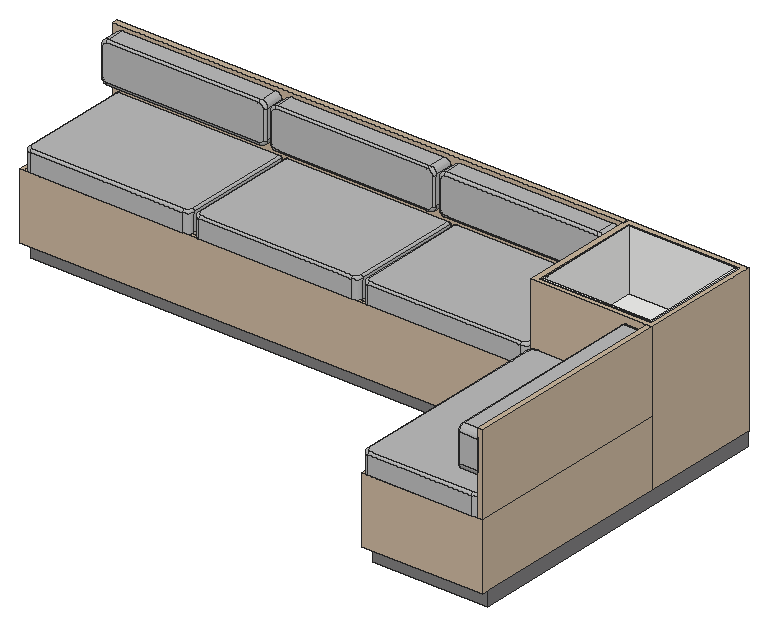
Revit family "Sofa en L con Jardinera 2 MAACH", category Sistemas de mobiliario, Revit 2024
Family settings
  Cota de conector redondo = Usar diámetro
  Tipo de pieza = Normal
  Se basa en plano de trabajo = No
  Activar corte en vistas = No
  Siempre vertical = Sí
  Corte con vacíos al cargar = No
  Compartido = No
  Punto de cálculo de habitación = No
Parameters
  Zocalo = Melamina plomo
  Tela = Tela gris
  Melamina = Melamina duna
  Estructura = Pintura blaca brillante
  Elevación por defecto = 0 mm
Reference planes
  plane 1 "Centro (Frontal/Posterior)": y = 600
  plane 2: z = 0
  plane 3 "Centro (Izquierda/Derecha)": x = -360
  plane 4 "Centro I/E": y = 1100
  plane 5 "Centro I/F": y = 1200
  plane 6 "Centro I/H": y = -450
  plane 7 "Centro I/K": x = -380
  plane 8 "Centro I/L": x = -1200
  plane 9 "Centro I/M": x = 460
  plane 10 "Centro I/P": x = -1220
  plane 11 "Centro I/Q": x = 480
  plane 12 "Centro I/R": x = 1300
  plane 13 "Centro I/S": x = 1320
  plane 14 "Centro I/T": x = 1920
Forms (mm)
  Extrusion 1, solid, material "Melamina plomo" <- "Zocalo"
    sketch origin (-1679.549, 1240, 0) x (1, 0, 0) y (0, 1, 0)
      loop
        line (489.549, -40) -> (489.549, -610) -> (3029.549, -610) -> (3029.549, -40) -> (489.549, -40)
      loop
        line (504.549, -55) -> (504.549, -595) -> (3014.549, -595) -> (3014.549, -55) -> (504.549, -55)
    from 0 to 70
  Extrusion 2, solid, material "Melamina taupe"
    sketch origin (880, 1210, 70) x (1, 0, 0) y (0, 1, 0)
      loop
        line (455, -1645) -> (1025, -1645) -> (1025, -625) -> (455, -625) -> (455, -1645)
    from 0 to 25
  Extrusion 3, solid, material "Melamina taupe"
    sketch origin (850, -1790, 87.537) x (1, 0, 0) y (0, 1, 0)
      loop
        line (1055, 1355) -> (1055, 2375) -> (485, 2375) -> (485, 1355) -> (1055, 1355)
    from 287.463 to 312.463
  Extrusion 4, solid, material "Tela gris" <- "Tela", not visible
    sketch origin (25, 24.549, -280) x (1, 0, 0) y (0, 1, 0)
      loop
        arc (-1169.977, -599.549) -> (-1191.253, -608.455) -> (-1200, -629.797) r 30.136
        line (-1200, -629.797) -> (-1200, -1169.752)
        arc (-1200, -1169.752) -> (-1191.16, -1190.868) -> (-1169.977, -1199.549) r 29.91
        line (-1169.977, -1199.549) -> (-410.023, -1199.549)
        arc (-410.023, -1199.549) -> (-388.793, -1190.755) -> (-380, -1169.526) r 30.023
        line (-380, -1169.526) -> (-380, -629.571)
        arc (-380, -629.571) -> (-388.793, -608.342) -> (-410.023, -599.549) r 30.023
        line (-410.023, -599.549) -> (-1169.977, -599.549)
    from 350 to 450
  Sweep 5, void, not visible
    path origin (0, 0, -280) x (1, 0, 0) y (0, 1, 0)
      loop
        line (-1175, -605.248) -> (-1175, -1145.203)
        arc (-1175, -1145.203) -> (-1166.16, -1166.319) -> (-1144.977, -1175) r 29.91
        line (-1144.977, -1175) -> (-385.023, -1175)
        arc (-385.023, -1175) -> (-363.793, -1166.207) -> (-355, -1144.977) r 30.023
        line (-355, -1144.977) -> (-355, -605.023)
        arc (-355, -605.023) -> (-363.793, -583.793) -> (-385.023, -575) r 30.023
        line (-385.023, -575) -> (-1144.977, -575)
        arc (-1144.977, -575) -> (-1166.253, -583.906) -> (-1175, -605.248) r 30.136
    profile origin (-1175, -875.226, -280) x (1, 0, 0) y (0, 0, 1)
      loop
        line (10.607, 450) -> (0, 450) -> (0, 439.393)
        arc (0, 439.393) -> (3.107, 446.893) -> (10.607, 450) r 10.607
  Extrusion 6, solid, material "Tela gris" <- "Tela"
    sketch origin (1680, 1799.549, 50) x (1, 0, 0) y (0, 1, 0)
      loop
        arc (-1169.977, -599.549) -> (-1191.253, -608.455) -> (-1200, -629.797) r 30.136
        line (-1200, -629.797) -> (-1200, -1169.752)
        arc (-1200, -1169.752) -> (-1191.16, -1190.868) -> (-1169.977, -1199.549) r 29.91
        line (-1169.977, -1199.549) -> (-410.023, -1199.549)
        arc (-410.023, -1199.549) -> (-388.793, -1190.755) -> (-380, -1169.526) r 30.023
        line (-380, -1169.526) -> (-380, -629.571)
        arc (-380, -629.571) -> (-388.793, -608.342) -> (-410.023, -599.549) r 30.023
        line (-410.023, -599.549) -> (-1169.977, -599.549)
    from 350 to 450
  Sweep 7, void
    path origin (1655, 1775, 50) x (1, 0, 0) y (0, 1, 0)
      loop
        line (-1175, -605.248) -> (-1175, -1145.203)
        arc (-1175, -1145.203) -> (-1166.16, -1166.319) -> (-1144.977, -1175) r 29.91
        line (-1144.977, -1175) -> (-385.023, -1175)
        arc (-385.023, -1175) -> (-363.793, -1166.207) -> (-355, -1144.977) r 30.023
        line (-355, -1144.977) -> (-355, -605.023)
        arc (-355, -605.023) -> (-363.793, -583.793) -> (-385.023, -575) r 30.023
        line (-385.023, -575) -> (-1144.977, -575)
        arc (-1144.977, -575) -> (-1166.253, -583.906) -> (-1175, -605.248) r 30.136
    profile origin (480, 899.774, 50) x (1, 0, 0) y (0, 0, 1)
      loop
        line (10.607, 450) -> (0, 450) -> (0, 439.393)
        arc (0, 439.393) -> (3.107, 446.893) -> (10.607, 450) r 10.607
  Extrusion 8, solid, material "Tela gris" <- "Tela", not visible
    sketch origin (0, -0.451, 0) x (1, 0, 0) y (0, 1, 0)
      loop
        arc (-1169.977, -524.774) -> (-1191.253, -533.681) -> (-1200, -555.023) r 30.136
        line (-1200, -555.023) -> (-1200, -1169.752)
        arc (-1200, -1169.752) -> (-1191.16, -1190.868) -> (-1169.977, -1199.549) r 29.91
        line (-1169.977, -1199.549) -> (-630.023, -1199.549)
        arc (-630.023, -1199.549) -> (-608.793, -1190.755) -> (-600, -1169.526) r 30.023
        line (-600, -1169.526) -> (-600, -554.797)
        arc (-600, -554.797) -> (-608.793, -533.568) -> (-630.023, -524.774) r 30.023
        line (-630.023, -524.774) -> (-1169.977, -524.774)
    from 70 to 450
  Sweep 9, void, not visible
    path origin (-25, -25, 0) x (1, 0, 0) y (0, 1, 0)
      loop
        line (-1175, -530.474) -> (-1175, -1145.203)
        arc (-1175, -1145.203) -> (-1166.16, -1166.319) -> (-1144.977, -1175) r 29.91
        line (-1144.977, -1175) -> (-605.023, -1175)
        arc (-605.023, -1175) -> (-583.793, -1166.207) -> (-575, -1144.977) r 30.023
        line (-575, -1144.977) -> (-575, -530.248)
        arc (-575, -530.248) -> (-583.793, -509.019) -> (-605.023, -500.226) r 30.023
        line (-605.023, -500.226) -> (-1144.977, -500.226)
        arc (-1144.977, -500.226) -> (-1166.253, -509.132) -> (-1175, -530.474) r 30.136
    profile origin (-1200, -862.839, 0) x (1, 0, 0) y (0, 0, 1)
      loop
        line (10.607, 450) -> (0, 450) -> (0, 439.393)
        arc (0, 439.393) -> (3.107, 446.893) -> (10.607, 450) r 10.607
  Extrusion 10, solid, material "Melamina duna" <- "Melamina"
    sketch origin (1920, 573.455, -514.718) x (0, 0, 1) y (0, 1, 0)
      loop
        line (914.718, 26.545) -> (914.718, -1023.455) -> (1314.718, -1023.455) -> (1314.718, 26.545) -> (914.718, 26.545)
    from 0 to 25
  Extrusion 11, solid, material "Melamina duna" <- "Melamina", not visible
    sketch origin (0, 0, 0) x (1, 0, 0) y (0, 1, 0)
      loop
        line (-1200, -1200) -> (599.549, -1200) -> (599.549, -500.226) -> (-1200, -500.226) -> (-1200, -1200)
      loop
        line (574.549, -525.226) -> (-1175, -525.226) -> (-1175, -1175) -> (574.549, -1175) -> (574.549, -525.226)
    from 0 to 70
  Extrusion 12, solid, material "Melamina duna" <- "Melamina", not visible
    sketch origin (0, 0, 45) x (1, 0, 0) y (0, 1, 0)
      loop
        line (-1175, -525.226) -> (-1175, -1175) -> (574.549, -1175) -> (574.549, -525.226) -> (-1175, -525.226)
    from 0 to 25
  Extrusion 13, solid, material "Melamina duna" <- "Melamina", not visible
    sketch origin (0, 0, 0) x (1, 0, 0) y (0, 1, 0)
      loop
        line (-1200, -500.226) -> (-1200, -525.226) -> (599.549, -525.226) -> (599.549, -500.226) -> (-1200, -500.226)
    from 70 to 450
  Extrusion 14, solid, material "Tela gris" <- "Tela", not visible
    sketch origin (0, -0.451, 0) x (1, 0, 0) y (0, 1, 0)
      loop
        arc (-1169.977, -524.774) -> (-1191.253, -533.681) -> (-1200, -555.023) r 30.136
        line (-1200, -555.023) -> (-1200, -1169.752)
        arc (-1200, -1169.752) -> (-1191.16, -1190.868) -> (-1169.977, -1199.549) r 29.91
        line (-1169.977, -1199.549) -> (-630.023, -1199.549)
        arc (-630.023, -1199.549) -> (-608.793, -1190.755) -> (-600, -1169.526) r 30.023
        line (-600, -1169.526) -> (-600, -554.797)
        arc (-600, -554.797) -> (-608.793, -533.568) -> (-630.023, -524.774) r 30.023
        line (-630.023, -524.774) -> (-1169.977, -524.774)
    from 70 to 450
  Sweep 15, void, not visible
    path origin (-25, -25, 0) x (1, 0, 0) y (0, 1, 0)
      loop
        line (-1175, -530.474) -> (-1175, -1145.203)
        arc (-1175, -1145.203) -> (-1166.16, -1166.319) -> (-1144.977, -1175) r 29.91
        line (-1144.977, -1175) -> (-605.023, -1175)
        arc (-605.023, -1175) -> (-583.793, -1166.207) -> (-575, -1144.977) r 30.023
        line (-575, -1144.977) -> (-575, -530.248)
        arc (-575, -530.248) -> (-583.793, -509.019) -> (-605.023, -500.226) r 30.023
        line (-605.023, -500.226) -> (-1144.977, -500.226)
        arc (-1144.977, -500.226) -> (-1166.253, -509.132) -> (-1175, -530.474) r 30.136
    profile origin (-1200, -862.839, 0) x (1, 0, 0) y (0, 0, 1)
      loop
        line (10.607, 450) -> (0, 450) -> (0, 439.393)
        arc (0, 439.393) -> (3.107, 446.893) -> (10.607, 450) r 10.607
  Extrusion 16, solid, material "Tela gris" <- "Tela", not visible
    sketch origin (-1200, -630.248, 0) x (0, -1, 0) y (0, 0, 1)
      loop
        line (-130.023, 450) -> (-10.023, 450) -> (-46.294, 678.702)
        arc (-46.294, 678.702) -> (-54.837, 693.951) -> (-71.236, 700) r 25.254
        line (-71.236, 700) -> (-108.809, 700)
        arc (-108.809, 700) -> (-123.809, 693.787) -> (-130.023, 678.787) r 21.213
        line (-130.023, 678.787) -> (-130.023, 450)
    from -1799.549 to 0
  Extrusion 17, solid, material "Tela gris" <- "Tela", not visible
    sketch origin (600, -0.451, 0) x (1, 0, 0) y (0, 1, 0)
      loop
        arc (-1169.977, -524.774) -> (-1191.253, -533.681) -> (-1200, -555.023) r 30.136
        line (-1200, -555.023) -> (-1200, -1169.752)
        arc (-1200, -1169.752) -> (-1191.16, -1190.868) -> (-1169.977, -1199.549) r 29.91
        line (-1169.977, -1199.549) -> (-630.023, -1199.549)
        arc (-630.023, -1199.549) -> (-608.793, -1190.755) -> (-600, -1169.526) r 30.023
        line (-600, -1169.526) -> (-600, -554.797)
        arc (-600, -554.797) -> (-608.793, -533.568) -> (-630.023, -524.774) r 30.023
        line (-630.023, -524.774) -> (-1169.977, -524.774)
    from 70 to 450
  Sweep 18, void, not visible
    path origin (575, -25, 0) x (1, 0, 0) y (0, 1, 0)
      loop
        line (-1175, -530.474) -> (-1175, -1145.203)
        arc (-1175, -1145.203) -> (-1166.16, -1166.319) -> (-1144.977, -1175) r 29.91
        line (-1144.977, -1175) -> (-605.023, -1175)
        arc (-605.023, -1175) -> (-583.793, -1166.207) -> (-575, -1144.977) r 30.023
        line (-575, -1144.977) -> (-575, -530.248)
        arc (-575, -530.248) -> (-583.793, -509.019) -> (-605.023, -500.226) r 30.023
        line (-605.023, -500.226) -> (-1144.977, -500.226)
        arc (-1144.977, -500.226) -> (-1166.253, -509.132) -> (-1175, -530.474) r 30.136
    profile origin (-600, -862.839, 0) x (1, 0, 0) y (0, 0, 1)
      loop
        line (10.607, 450) -> (0, 450) -> (0, 439.393)
        arc (0, 439.393) -> (3.107, 446.893) -> (10.607, 450) r 10.607
  Extrusion 19, solid, material "Tela gris" <- "Tela", not visible
    sketch origin (1200, -0.451, 0) x (1, 0, 0) y (0, 1, 0)
      loop
        arc (-1169.977, -524.774) -> (-1191.253, -533.681) -> (-1200, -555.023) r 30.136
        line (-1200, -555.023) -> (-1200, -1169.752)
        arc (-1200, -1169.752) -> (-1191.16, -1190.868) -> (-1169.977, -1199.549) r 29.91
        line (-1169.977, -1199.549) -> (-630.023, -1199.549)
        arc (-630.023, -1199.549) -> (-608.793, -1190.755) -> (-600, -1169.526) r 30.023
        line (-600, -1169.526) -> (-600, -554.797)
        arc (-600, -554.797) -> (-608.793, -533.568) -> (-630.023, -524.774) r 30.023
        line (-630.023, -524.774) -> (-1169.977, -524.774)
    from 70 to 450
  Sweep 20, void, not visible
    path origin (1175, -25, 0) x (1, 0, 0) y (0, 1, 0)
      loop
        line (-1175, -530.474) -> (-1175, -1145.203)
        arc (-1175, -1145.203) -> (-1166.16, -1166.319) -> (-1144.977, -1175) r 29.91
        line (-1144.977, -1175) -> (-605.023, -1175)
        arc (-605.023, -1175) -> (-583.793, -1166.207) -> (-575, -1144.977) r 30.023
        line (-575, -1144.977) -> (-575, -530.248)
        arc (-575, -530.248) -> (-583.793, -509.019) -> (-605.023, -500.226) r 30.023
        line (-605.023, -500.226) -> (-1144.977, -500.226)
        arc (-1144.977, -500.226) -> (-1166.253, -509.132) -> (-1175, -530.474) r 30.136
    profile origin (0, -862.839, 0) x (1, 0, 0) y (0, 0, 1)
      loop
        line (10.607, 450) -> (0, 450) -> (0, 439.393)
        arc (0, 439.393) -> (3.107, 446.893) -> (10.607, 450) r 10.607
  Extrusion 21, solid, material "Melamina duna" <- "Melamina", not visible
    sketch origin (0, 0, 0) x (1, 0, 0) y (0, 1, 0)
      loop
        line (599.549, 1800) -> (599.549, 0) -> (1199.549, 0) -> (1199.549, 1800) -> (599.549, 1800)
      loop
        line (624.549, 1775) -> (624.549, 25) -> (1174.549, 25) -> (1174.549, 1775) -> (624.549, 1775)
    from 0 to 70
  Extrusion 22, solid, material "Melamina duna" <- "Melamina", not visible
    sketch origin (0, 0, 45) x (1, 0, 0) y (0, 1, 0)
      loop
        line (1174.549, 25) -> (1174.549, 1775) -> (624.549, 1775) -> (624.549, 25) -> (1174.549, 25)
    from 0 to 25
  Extrusion 23, solid, material "Tela gris" <- "Tela", not visible
    sketch origin (1799.549, 1199.549, -280) x (1, 0, 0) y (0, 1, 0)
      loop
        arc (-1169.977, -599.549) -> (-1191.253, -608.455) -> (-1200, -629.797) r 30.136
        line (-1200, -629.797) -> (-1200, -1169.752)
        arc (-1200, -1169.752) -> (-1191.16, -1190.868) -> (-1169.977, -1199.549) r 29.91
        line (-1169.977, -1199.549) -> (-410.023, -1199.549)
        arc (-410.023, -1199.549) -> (-388.793, -1190.755) -> (-380, -1169.526) r 30.023
        line (-380, -1169.526) -> (-380, -629.571)
        arc (-380, -629.571) -> (-388.793, -608.342) -> (-410.023, -599.549) r 30.023
        line (-410.023, -599.549) -> (-1169.977, -599.549)
    from 350 to 450
  Sweep 24, void, not visible
    path origin (1774.549, 1175, -280) x (1, 0, 0) y (0, 1, 0)
      loop
        line (-1175, -605.248) -> (-1175, -1145.203)
        arc (-1175, -1145.203) -> (-1166.16, -1166.319) -> (-1144.977, -1175) r 29.91
        line (-1144.977, -1175) -> (-385.023, -1175)
        arc (-385.023, -1175) -> (-363.793, -1166.207) -> (-355, -1144.977) r 30.023
        line (-355, -1144.977) -> (-355, -605.023)
        arc (-355, -605.023) -> (-363.793, -583.793) -> (-385.023, -575) r 30.023
        line (-385.023, -575) -> (-1144.977, -575)
        arc (-1144.977, -575) -> (-1166.253, -583.906) -> (-1175, -605.248) r 30.136
    profile origin (599.549, 299.774, -280) x (1, 0, 0) y (0, 0, 1)
      loop
        line (10.607, 450) -> (0, 450) -> (0, 439.393)
        arc (0, 439.393) -> (3.107, 446.893) -> (10.607, 450) r 10.607
  Extrusion 25, solid, material "Tela gris" <- "Tela", not visible
    sketch origin (1799.549, 1799.549, -280) x (1, 0, 0) y (0, 1, 0)
      loop
        arc (-1169.977, -599.549) -> (-1191.253, -608.455) -> (-1200, -629.797) r 30.136
        line (-1200, -629.797) -> (-1200, -1169.752)
        arc (-1200, -1169.752) -> (-1191.16, -1190.868) -> (-1169.977, -1199.549) r 29.91
        line (-1169.977, -1199.549) -> (-410.023, -1199.549)
        arc (-410.023, -1199.549) -> (-388.793, -1190.755) -> (-380, -1169.526) r 30.023
        line (-380, -1169.526) -> (-380, -629.571)
        arc (-380, -629.571) -> (-388.793, -608.342) -> (-410.023, -599.549) r 30.023
        line (-410.023, -599.549) -> (-1169.977, -599.549)
    from 350 to 450
  Sweep 26, void, not visible
    path origin (1774.549, 1775, -280) x (1, 0, 0) y (0, 1, 0)
      loop
        line (-1175, -605.248) -> (-1175, -1145.203)
        arc (-1175, -1145.203) -> (-1166.16, -1166.319) -> (-1144.977, -1175) r 29.91
        line (-1144.977, -1175) -> (-385.023, -1175)
        arc (-385.023, -1175) -> (-363.793, -1166.207) -> (-355, -1144.977) r 30.023
        line (-355, -1144.977) -> (-355, -605.023)
        arc (-355, -605.023) -> (-363.793, -583.793) -> (-385.023, -575) r 30.023
        line (-385.023, -575) -> (-1144.977, -575)
        arc (-1144.977, -575) -> (-1166.253, -583.906) -> (-1175, -605.248) r 30.136
    profile origin (599.549, 899.774, -280) x (1, 0, 0) y (0, 0, 1)
      loop
        line (10.607, 450) -> (0, 450) -> (0, 439.393)
        arc (0, 439.393) -> (3.107, 446.893) -> (10.607, 450) r 10.607
  Extrusion 27, solid, material "Tela gris" <- "Tela", not visible
    sketch origin (1799.549, 2399.549, -280) x (1, 0, 0) y (0, 1, 0)
      loop
        arc (-1169.977, -599.549) -> (-1191.253, -608.455) -> (-1200, -629.797) r 30.136
        line (-1200, -629.797) -> (-1200, -1169.752)
        arc (-1200, -1169.752) -> (-1191.16, -1190.868) -> (-1169.977, -1199.549) r 29.91
        line (-1169.977, -1199.549) -> (-410.023, -1199.549)
        arc (-410.023, -1199.549) -> (-388.793, -1190.755) -> (-380, -1169.526) r 30.023
        line (-380, -1169.526) -> (-380, -629.571)
        arc (-380, -629.571) -> (-388.793, -608.342) -> (-410.023, -599.549) r 30.023
        line (-410.023, -599.549) -> (-1169.977, -599.549)
    from 350 to 450
  Sweep 28, void, not visible
    path origin (1774.549, 2375, -280) x (1, 0, 0) y (0, 1, 0)
      loop
        line (-1175, -605.248) -> (-1175, -1145.203)
        arc (-1175, -1145.203) -> (-1166.16, -1166.319) -> (-1144.977, -1175) r 29.91
        line (-1144.977, -1175) -> (-385.023, -1175)
        arc (-385.023, -1175) -> (-363.793, -1166.207) -> (-355, -1144.977) r 30.023
        line (-355, -1144.977) -> (-355, -605.023)
        arc (-355, -605.023) -> (-363.793, -583.793) -> (-385.023, -575) r 30.023
        line (-385.023, -575) -> (-1144.977, -575)
        arc (-1144.977, -575) -> (-1166.253, -583.906) -> (-1175, -605.248) r 30.136
    profile origin (599.549, 1499.774, -280) x (1, 0, 0) y (0, 0, 1)
      loop
        line (10.607, 450) -> (0, 450) -> (0, 439.393)
        arc (0, 439.393) -> (3.107, 446.893) -> (10.607, 450) r 10.607
  Extrusion 29, solid, material "Melamina duna" <- "Melamina", not visible
    sketch origin (0, 0, 0) x (1, 0, 0) y (0, 1, 0)
      loop
        line (599.549, 0) -> (599.549, -1200) -> (1199.097, -1200) -> (1800, -600) -> (1800, 0) -> (599.549, 0)
      loop
        line (624.549, -25) -> (624.549, -1175) -> (1188.742, -1175) -> (1775, -589.645) -> (1775, -25) -> (624.549, -25)
    from 0 to 70
  Extrusion 30, solid, material "Melamina duna" <- "Melamina", not visible
    sketch origin (0, 0, 0) x (1, 0, 0) y (0, 1, 0)
      loop
        line (624.549, -25) -> (624.549, -1175) -> (1188.742, -1175) -> (1775, -589.645) -> (1775, -25) -> (624.549, -25)
    from 0 to 25
  Extrusion 31, solid, material "Melamina duna" <- "Melamina", not visible
    sketch origin (0, 0, 0) x (1, 0, 0) y (0, 1, 0)
      loop
        line (599.549, 0) -> (599.549, -25.282) -> (1174.266, -25.282) -> (1174.266, -575.169) -> (599.549, -575.169) -> (599.549, -600) -> (1199.549, -600) -> (1199.549, 0) -> (599.549, 0)
    from 70 to 700
  Extrusion 32, solid, material "Melamina duna" <- "Melamina", not visible
    sketch origin (624.549, -0.282, -514.718) x (0, 0, 1) y (0, 1, 0)
      loop
        line (584.718, -25) -> (584.718, -574.887) -> (1214.718, -574.887) -> (1214.718, -25) -> (584.718, -25)
    from 0 to 25
  Extrusion 33, solid, material "Melamina duna" <- "Melamina", not visible
    sketch origin (-599.549, 0, 0) x (1, 0, 0) y (0, 1, 0)
      loop
        line (1799.097, -25) -> (1774.097, -25) -> (1774.097, -575.169) -> (1224.097, -575.169) -> (1224.097, -600) -> (1799.097, -600) -> (1799.097, -25)
    from 25 to 70
  Extrusion 34, solid, material "Pintura blaca brillante" <- "Estructura"
    sketch origin (854.684, 609, 563.5) x (1, 0, 0) y (0, 1, 0)
      loop
        line (1040.316, 566) -> (490.316, 566) -> (490.316, 16) -> (1040.316, 16) -> (1040.316, 566)
    from -72.5 to -63.5
  Extrusion 35, solid, material "Melamina plomo" <- "Zocalo"
    sketch origin (830.451, 1240, 0) x (1, 0, 0) y (0, 1, 0)
      loop
        line (519.549, -40) -> (519.549, -1660) -> (1089.549, -1660) -> (1089.549, -40) -> (519.549, -40)
      loop
        line (534.549, -55) -> (534.549, -1645) -> (1074.549, -1645) -> (1074.549, -55) -> (534.549, -55)
    from 0 to 70
  Extrusion 36, solid, material "Melamina taupe"
    sketch origin (-1660, 1210, 70) x (1, 0, 0) y (0, 1, 0)
      loop
        line (455, -595) -> (2965, -595) -> (2965, -25) -> (455, -25) -> (455, -595)
    from 0 to 25
  Extrusion 37, solid, material "Melamina duna" <- "Melamina"
    sketch origin (860, -450, 0) x (1, 0, 0) y (0, 1, 0)
      loop
        line (460, 1050) -> (460, 0) -> (1060, 0) -> (1060, 1050) -> (460, 1050)
      loop
        line (475, 1035) -> (475, 15) -> (1045, 15) -> (1045, 1035) -> (475, 1035)
    from 70 to 400
  Extrusion 38, solid, material "Melamina duna" <- "Melamina"
    sketch origin (-170, 140, 0) x (0, 1, 0) y (-1, 0, 0)
      loop
        line (460, 1050) -> (460, -1490) -> (1060, -1490) -> (1060, 1050) -> (460, 1050)
      loop
        line (1045, 1035) -> (475, 1035) -> (475, -1475) -> (1045, -1475) -> (1045, 1035)
    from 70 to 400
  Extrusion 39, solid, material "Melamina duna" <- "Melamina"
    sketch origin (-559.097, 1149.774, 0) x (1, 0, 0) y (0, 1, 0)
      loop
        line (2479.097, 50.226) -> (1879.097, 50.226) -> (1879.097, -549.774) -> (2479.097, -549.774) -> (2479.097, 50.226)
      loop
        line (2454.097, -524.774) -> (2454.097, 25.226) -> (1904.097, 25.226) -> (1904.097, -524.774) -> (2454.097, -524.774)
    from 70 to 800
  Extrusion 40, solid, material "Melamina taupe"
    sketch origin (250, -1190, 87.537) x (1, 0, 0) y (0, 1, 0)
      loop
        line (1055, 1805) -> (1055, 2375) -> (-1455, 2375) -> (-1455, 1805) -> (1055, 1805)
    from 287.463 to 312.463
  Extrusion 41, solid, material "Tela gris" <- "Tela"
    sketch origin (840, 1799.549, 50) x (1, 0, 0) y (0, 1, 0)
      loop
        arc (-1169.977, -599.549) -> (-1191.253, -608.455) -> (-1200, -629.797) r 30.136
        line (-1200, -629.797) -> (-1200, -1169.752)
        arc (-1200, -1169.752) -> (-1191.16, -1190.868) -> (-1169.977, -1199.549) r 29.91
        line (-1169.977, -1199.549) -> (-410.023, -1199.549)
        arc (-410.023, -1199.549) -> (-388.793, -1190.755) -> (-380, -1169.526) r 30.023
        line (-380, -1169.526) -> (-380, -629.571)
        arc (-380, -629.571) -> (-388.793, -608.342) -> (-410.023, -599.549) r 30.023
        line (-410.023, -599.549) -> (-1169.977, -599.549)
    from 350 to 450
  Sweep 42, void
    path origin (815, 1775, 50) x (1, 0, 0) y (0, 1, 0)
      loop
        line (-1175, -605.248) -> (-1175, -1145.203)
        arc (-1175, -1145.203) -> (-1166.16, -1166.319) -> (-1144.977, -1175) r 29.91
        line (-1144.977, -1175) -> (-385.023, -1175)
        arc (-385.023, -1175) -> (-363.793, -1166.207) -> (-355, -1144.977) r 30.023
        line (-355, -1144.977) -> (-355, -605.023)
        arc (-355, -605.023) -> (-363.793, -583.793) -> (-385.023, -575) r 30.023
        line (-385.023, -575) -> (-1144.977, -575)
        arc (-1144.977, -575) -> (-1166.253, -583.906) -> (-1175, -605.248) r 30.136
    profile origin (-360, 899.774, 50) x (1, 0, 0) y (0, 0, 1)
      loop
        line (10.607, 450) -> (0, 450) -> (0, 439.393)
        arc (0, 439.393) -> (3.107, 446.893) -> (10.607, 450) r 10.607
  Extrusion 43, solid, material "Tela gris" <- "Tela"
    sketch origin (0, 1799.549, 50) x (1, 0, 0) y (0, 1, 0)
      loop
        arc (-1169.977, -599.549) -> (-1191.253, -608.455) -> (-1200, -629.797) r 30.136
        line (-1200, -629.797) -> (-1200, -1169.752)
        arc (-1200, -1169.752) -> (-1191.16, -1190.868) -> (-1169.977, -1199.549) r 29.91
        line (-1169.977, -1199.549) -> (-410.023, -1199.549)
        arc (-410.023, -1199.549) -> (-388.793, -1190.755) -> (-380, -1169.526) r 30.023
        line (-380, -1169.526) -> (-380, -629.571)
        arc (-380, -629.571) -> (-388.793, -608.342) -> (-410.023, -599.549) r 30.023
        line (-410.023, -599.549) -> (-1169.977, -599.549)
    from 350 to 450
  Sweep 44, void
    path origin (-25, 1775, 50) x (1, 0, 0) y (0, 1, 0)
      loop
        line (-1175, -605.248) -> (-1175, -1145.203)
        arc (-1175, -1145.203) -> (-1166.16, -1166.319) -> (-1144.977, -1175) r 29.91
        line (-1144.977, -1175) -> (-385.023, -1175)
        arc (-385.023, -1175) -> (-363.793, -1166.207) -> (-355, -1144.977) r 30.023
        line (-355, -1144.977) -> (-355, -605.023)
        arc (-355, -605.023) -> (-363.793, -583.793) -> (-385.023, -575) r 30.023
        line (-385.023, -575) -> (-1144.977, -575)
        arc (-1144.977, -575) -> (-1166.253, -583.906) -> (-1175, -605.248) r 30.136
    profile origin (-1200, 899.774, 50) x (1, 0, 0) y (0, 0, 1)
      loop
        line (10.607, 450) -> (0, 450) -> (0, 439.393)
        arc (0, 439.393) -> (3.107, 446.893) -> (10.607, 450) r 10.607
  Extrusion 45, solid, material "Tela gris" <- "Tela"
    sketch origin (2520, 749.549, 50) x (1, 0, 0) y (0, 1, 0)
      loop
        arc (-1169.977, -149.549) -> (-1191.253, -158.455) -> (-1200, -179.797) r 30.136
        line (-1200, -179.797) -> (-1200, -1169.752)
        arc (-1200, -1169.752) -> (-1191.16, -1190.868) -> (-1169.977, -1199.549) r 29.91
        line (-1169.977, -1199.549) -> (-655.023, -1199.549)
        arc (-655.023, -1199.549) -> (-633.793, -1190.755) -> (-625, -1169.526) r 30.023
        line (-625, -1169.526) -> (-625, -179.571)
        arc (-625, -179.571) -> (-633.793, -158.342) -> (-655.023, -149.549) r 30.023
        line (-655.023, -149.549) -> (-1169.977, -149.549)
    from 350 to 450
  Sweep 46, void
    path origin (2495, 725, 50) x (1, 0, 0) y (0, 1, 0)
      loop
        line (-1175, -155.248) -> (-1175, -1145.203)
        arc (-1175, -1145.203) -> (-1166.16, -1166.319) -> (-1144.977, -1175) r 29.91
        line (-1144.977, -1175) -> (-630.023, -1175)
        arc (-630.023, -1175) -> (-608.793, -1166.207) -> (-600, -1144.977) r 30.023
        line (-600, -1144.977) -> (-600, -155.023)
        arc (-600, -155.023) -> (-608.793, -133.793) -> (-630.023, -125) r 30.023
        line (-630.023, -125) -> (-1144.977, -125)
        arc (-1144.977, -125) -> (-1166.253, -133.906) -> (-1175, -155.248) r 30.136
    profile origin (1320, 74.774, 50) x (1, 0, 0) y (0, 0, 1)
      loop
        line (10.607, 450) -> (0, 450) -> (0, 439.393)
        arc (0, 439.393) -> (3.107, 446.893) -> (10.607, 450) r 10.607
  Extrusion 47, solid, material "Tela gris" <- "Tela", not visible
    sketch origin (2520, 749.549, 50) x (1, 0, 0) y (0, 1, 0)
      loop
        arc (-1169.977, -599.549) -> (-1191.253, -608.455) -> (-1200, -629.797) r 30.136
        line (-1200, -629.797) -> (-1200, -1169.752)
        arc (-1200, -1169.752) -> (-1191.16, -1190.868) -> (-1169.977, -1199.549) r 29.91
        line (-1169.977, -1199.549) -> (-410.023, -1199.549)
        arc (-410.023, -1199.549) -> (-388.793, -1190.755) -> (-380, -1169.526) r 30.023
        line (-380, -1169.526) -> (-380, -629.571)
        arc (-380, -629.571) -> (-388.793, -608.342) -> (-410.023, -599.549) r 30.023
        line (-410.023, -599.549) -> (-1169.977, -599.549)
    from 350 to 450
  Extrusion 48, solid, material "Tela gris" <- "Tela", not visible
    sketch origin (2520, 749.549, 50) x (1, 0, 0) y (0, 1, 0)
      loop
        arc (-1169.977, -149.549) -> (-1191.253, -158.455) -> (-1200, -179.797) r 30.136
        line (-1200, -179.797) -> (-1200, -1169.752)
        arc (-1200, -1169.752) -> (-1191.16, -1190.868) -> (-1169.977, -1199.549) r 29.91
        line (-1169.977, -1199.549) -> (-655.023, -1199.549)
        arc (-655.023, -1199.549) -> (-633.793, -1190.755) -> (-625, -1169.526) r 30.023
        line (-625, -1169.526) -> (-625, -179.571)
        arc (-625, -179.571) -> (-633.793, -158.342) -> (-655.023, -149.549) r 30.023
        line (-655.023, -149.549) -> (-1169.977, -149.549)
    from 350 to 450
  Sweep 49, void, not visible
    path origin (2495, 725, 50) x (1, 0, 0) y (0, 1, 0)
      loop
        line (-1175, -155.248) -> (-1175, -1145.203)
        arc (-1175, -1145.203) -> (-1166.16, -1166.319) -> (-1144.977, -1175) r 29.91
        line (-1144.977, -1175) -> (-630.023, -1175)
        arc (-630.023, -1175) -> (-608.793, -1166.207) -> (-600, -1144.977) r 30.023
        line (-600, -1144.977) -> (-600, -155.023)
        arc (-600, -155.023) -> (-608.793, -133.793) -> (-630.023, -125) r 30.023
        line (-630.023, -125) -> (-1144.977, -125)
        arc (-1144.977, -125) -> (-1166.253, -133.906) -> (-1175, -155.248) r 30.136
    profile origin (1320, 74.774, 50) x (1, 0, 0) y (0, 0, 1)
      loop
        line (10.607, 450) -> (0, 450) -> (0, 439.393)
        arc (0, 439.393) -> (3.107, 446.893) -> (10.607, 450) r 10.607
  Extrusion 50, solid, material "Pintura blaca brillante" <- "Estructura"
    sketch origin (854.684, 609, 563.5) x (1, 0, 0) y (0, 1, 0)
      loop
        line (1040.316, 566) -> (490.316, 566) -> (490.316, 16) -> (1040.316, 16) -> (1040.316, 566)
      loop
        line (1031.316, 557) -> (499.316, 557) -> (499.316, 25) -> (1031.316, 25) -> (1031.316, 557)
    from -63.5 to 236.5
  Extrusion 51, solid, material "Tela gris" <- "Tela"
    sketch origin (0, 1525, 1779.549) x (1, 0, 0) y (0, 0, 1)
      loop
        arc (-1169.977, -999.549) -> (-1191.253, -1008.455) -> (-1200, -1029.797) r 30.136
        line (-1200, -1029.797) -> (-1200, -1169.752)
        arc (-1200, -1169.752) -> (-1191.16, -1190.868) -> (-1169.977, -1199.549) r 29.91
        line (-1169.977, -1199.549) -> (-410.023, -1199.549)
        arc (-410.023, -1199.549) -> (-388.793, -1190.755) -> (-380, -1169.526) r 30.023
        line (-380, -1169.526) -> (-380, -1029.571)
        arc (-380, -1029.571) -> (-388.793, -1008.342) -> (-410.023, -999.549) r 30.023
        line (-410.023, -999.549) -> (-1169.977, -999.549)
    from 350 to 450
  Sweep 52, void
    path origin (-25, 1525, 1755) x (1, 0, 0) y (0, 0, 1)
      loop
        line (-1175, -1005.248) -> (-1175, -1145.203)
        arc (-1175, -1145.203) -> (-1166.16, -1166.319) -> (-1144.977, -1175) r 29.91
        line (-1144.977, -1175) -> (-385.023, -1175)
        arc (-385.023, -1175) -> (-363.793, -1166.207) -> (-355, -1144.977) r 30.023
        line (-355, -1144.977) -> (-355, -1005.023)
        arc (-355, -1005.023) -> (-363.793, -983.793) -> (-385.023, -975) r 30.023
        line (-385.023, -975) -> (-1144.977, -975)
        arc (-1144.977, -975) -> (-1166.253, -983.906) -> (-1175, -1005.248) r 30.136
    profile origin (-1200, 1525, 679.774) x (0, -1, 0) y (1, 0, 0)
      loop
        arc (450, 10.607) -> (446.893, 3.107) -> (439.393, 0) r 10.607
        line (439.393, 0) -> (450, 0) -> (450, 10.607)
  Extrusion 53, solid, material "Tela gris" <- "Tela", not visible
    sketch origin (0, 1550, 1779.549) x (1, 0, 0) y (0, 0, 1)
      loop
        arc (-1169.977, -999.549) -> (-1191.253, -1008.455) -> (-1200, -1029.797) r 30.136
        line (-1200, -1029.797) -> (-1200, -1169.752)
        arc (-1200, -1169.752) -> (-1191.16, -1190.868) -> (-1169.977, -1199.549) r 29.91
        line (-1169.977, -1199.549) -> (-410.023, -1199.549)
        arc (-410.023, -1199.549) -> (-388.793, -1190.755) -> (-380, -1169.526) r 30.023
        line (-380, -1169.526) -> (-380, -1029.571)
        arc (-380, -1029.571) -> (-388.793, -1008.342) -> (-410.023, -999.549) r 30.023
        line (-410.023, -999.549) -> (-1169.977, -999.549)
    from 350 to 450
  Sweep 54, void, not visible
    path origin (-25, 1550, 1755) x (1, 0, 0) y (0, 0, 1)
      loop
        line (-1175, -1005.248) -> (-1175, -1145.203)
        arc (-1175, -1145.203) -> (-1166.16, -1166.319) -> (-1144.977, -1175) r 29.91
        line (-1144.977, -1175) -> (-385.023, -1175)
        arc (-385.023, -1175) -> (-363.793, -1166.207) -> (-355, -1144.977) r 30.023
        line (-355, -1144.977) -> (-355, -1005.023)
        arc (-355, -1005.023) -> (-363.793, -983.793) -> (-385.023, -975) r 30.023
        line (-385.023, -975) -> (-1144.977, -975)
        arc (-1144.977, -975) -> (-1166.253, -983.906) -> (-1175, -1005.248) r 30.136
    profile origin (-1200, 1550, 679.774) x (0, -1, 0) y (1, 0, 0)
      loop
        arc (450, 10.607) -> (446.893, 3.107) -> (439.393, 0) r 10.607
        line (439.393, 0) -> (450, 0) -> (450, 10.607)
  Extrusion 55, solid, material "Tela gris" <- "Tela"
    sketch origin (840, 1525, 1779.549) x (1, 0, 0) y (0, 0, 1)
      loop
        arc (-1169.977, -999.549) -> (-1191.253, -1008.455) -> (-1200, -1029.797) r 30.136
        line (-1200, -1029.797) -> (-1200, -1169.752)
        arc (-1200, -1169.752) -> (-1191.16, -1190.868) -> (-1169.977, -1199.549) r 29.91
        line (-1169.977, -1199.549) -> (-410.023, -1199.549)
        arc (-410.023, -1199.549) -> (-388.793, -1190.755) -> (-380, -1169.526) r 30.023
        line (-380, -1169.526) -> (-380, -1029.571)
        arc (-380, -1029.571) -> (-388.793, -1008.342) -> (-410.023, -999.549) r 30.023
        line (-410.023, -999.549) -> (-1169.977, -999.549)
    from 350 to 450
  Sweep 56, void
    path origin (815, 1525, 1755) x (1, 0, 0) y (0, 0, 1)
      loop
        line (-1175, -1005.248) -> (-1175, -1145.203)
        arc (-1175, -1145.203) -> (-1166.16, -1166.319) -> (-1144.977, -1175) r 29.91
        line (-1144.977, -1175) -> (-385.023, -1175)
        arc (-385.023, -1175) -> (-363.793, -1166.207) -> (-355, -1144.977) r 30.023
        line (-355, -1144.977) -> (-355, -1005.023)
        arc (-355, -1005.023) -> (-363.793, -983.793) -> (-385.023, -975) r 30.023
        line (-385.023, -975) -> (-1144.977, -975)
        arc (-1144.977, -975) -> (-1166.253, -983.906) -> (-1175, -1005.248) r 30.136
    profile origin (-360, 1525, 679.774) x (0, -1, 0) y (1, 0, 0)
      loop
        arc (450, 10.607) -> (446.893, 3.107) -> (439.393, 0) r 10.607
        line (439.393, 0) -> (450, 0) -> (450, 10.607)
  Extrusion 57, solid, material "Tela gris" <- "Tela"
    sketch origin (1680, 1525, 1779.549) x (1, 0, 0) y (0, 0, 1)
      loop
        arc (-1169.977, -999.549) -> (-1191.253, -1008.455) -> (-1200, -1029.797) r 30.136
        line (-1200, -1029.797) -> (-1200, -1169.752)
        arc (-1200, -1169.752) -> (-1191.16, -1190.868) -> (-1169.977, -1199.549) r 29.91
        line (-1169.977, -1199.549) -> (-410.023, -1199.549)
        arc (-410.023, -1199.549) -> (-388.793, -1190.755) -> (-380, -1169.526) r 30.023
        line (-380, -1169.526) -> (-380, -1029.571)
        arc (-380, -1029.571) -> (-388.793, -1008.342) -> (-410.023, -999.549) r 30.023
        line (-410.023, -999.549) -> (-1169.977, -999.549)
    from 350 to 450
  Sweep 58, void
    path origin (1655, 1525, 1755) x (1, 0, 0) y (0, 0, 1)
      loop
        line (-1175, -1005.248) -> (-1175, -1145.203)
        arc (-1175, -1145.203) -> (-1166.16, -1166.319) -> (-1144.977, -1175) r 29.91
        line (-1144.977, -1175) -> (-385.023, -1175)
        arc (-385.023, -1175) -> (-363.793, -1166.207) -> (-355, -1144.977) r 30.023
        line (-355, -1144.977) -> (-355, -1005.023)
        arc (-355, -1005.023) -> (-363.793, -983.793) -> (-385.023, -975) r 30.023
        line (-385.023, -975) -> (-1144.977, -975)
        arc (-1144.977, -975) -> (-1166.253, -983.906) -> (-1175, -1005.248) r 30.136
    profile origin (480, 1525, 679.774) x (0, -1, 0) y (1, 0, 0)
      loop
        arc (450, 10.607) -> (446.893, 3.107) -> (439.393, 0) r 10.607
        line (439.393, 0) -> (450, 0) -> (450, 10.607)
  Extrusion 59, solid, material "Tela gris" <- "Tela", not visible
    sketch origin (2245, -830, 1779.549) x (0, -1, 0) y (0, 0, 1)
      loop
        arc (-1399.977, -999.549) -> (-1421.253, -1008.455) -> (-1430, -1029.797) r 30.136
        line (-1430, -1029.797) -> (-1430, -1169.752)
        arc (-1430, -1169.752) -> (-1421.16, -1190.868) -> (-1399.977, -1199.549) r 29.91
        line (-1399.977, -1199.549) -> (-410.023, -1199.549)
        arc (-410.023, -1199.549) -> (-388.793, -1190.755) -> (-380, -1169.526) r 30.023
        line (-380, -1169.526) -> (-380, -1029.571)
        arc (-380, -1029.571) -> (-388.793, -1008.342) -> (-410.023, -999.549) r 30.023
        line (-410.023, -999.549) -> (-1399.977, -999.549)
    from 350 to 450
  Sweep 60, void, not visible
    path origin (2245, -805, 1755) x (0, -1, 0) y (0, 0, 1)
      loop
        line (-1405, -1005.248) -> (-1405, -1145.203)
        arc (-1405, -1145.203) -> (-1396.16, -1166.319) -> (-1374.977, -1175) r 29.91
        line (-1374.977, -1175) -> (-385.023, -1175)
        arc (-385.023, -1175) -> (-363.793, -1166.207) -> (-355, -1144.977) r 30.023
        line (-355, -1144.977) -> (-355, -1005.023)
        arc (-355, -1005.023) -> (-363.793, -983.793) -> (-385.023, -975) r 30.023
        line (-385.023, -975) -> (-1374.977, -975)
        arc (-1374.977, -975) -> (-1396.253, -983.906) -> (-1405, -1005.248) r 30.136
    profile origin (2245, 600, 679.774) x (-1, 0, 0) y (0, -1, 0)
      loop
        arc (450, 10.607) -> (446.893, 3.107) -> (439.393, 0) r 10.607
        line (439.393, 0) -> (450, 0) -> (450, 10.607)
  Extrusion 61, solid, material "Tela gris" <- "Tela"
    sketch origin (2245, -830, 1779.549) x (0, -1, 0) y (0, 0, 1)
      loop
        arc (-1399.977, -999.549) -> (-1421.253, -1008.455) -> (-1430, -1029.797) r 30.136
        line (-1430, -1029.797) -> (-1430, -1169.752)
        arc (-1430, -1169.752) -> (-1421.16, -1190.868) -> (-1399.977, -1199.549) r 29.91
        line (-1399.977, -1199.549) -> (-410.023, -1199.549)
        arc (-410.023, -1199.549) -> (-388.793, -1190.755) -> (-380, -1169.526) r 30.023
        line (-380, -1169.526) -> (-380, -1029.571)
        arc (-380, -1029.571) -> (-388.793, -1008.342) -> (-410.023, -999.549) r 30.023
        line (-410.023, -999.549) -> (-1399.977, -999.549)
    from 350 to 450
  Sweep 62, void
    path origin (2245, -805, 1755) x (0, -1, 0) y (0, 0, 1)
      loop
        line (-1405, -1005.248) -> (-1405, -1145.203)
        arc (-1405, -1145.203) -> (-1396.16, -1166.319) -> (-1374.977, -1175) r 29.91
        line (-1374.977, -1175) -> (-385.023, -1175)
        arc (-385.023, -1175) -> (-363.793, -1166.207) -> (-355, -1144.977) r 30.023
        line (-355, -1144.977) -> (-355, -1005.023)
        arc (-355, -1005.023) -> (-363.793, -983.793) -> (-385.023, -975) r 30.023
        line (-385.023, -975) -> (-1374.977, -975)
        arc (-1374.977, -975) -> (-1396.253, -983.906) -> (-1405, -1005.248) r 30.136
    profile origin (2245, 600, 679.774) x (-1, 0, 0) y (0, -1, 0)
      loop
        arc (450, 10.607) -> (446.893, 3.107) -> (439.393, 0) r 10.607
        line (439.393, 0) -> (450, 0) -> (450, 10.607)
  Extrusion 63, solid, material "Tela gris" <- "Tela", not visible
    sketch origin (1290, -1290, 1779.549) x (0, -1, 0) y (0, 0, 1)
      loop
        arc (-1399.977, -999.549) -> (-1421.253, -1008.455) -> (-1430, -1029.797) r 30.136
        line (-1430, -1029.797) -> (-1430, -1169.752)
        arc (-1430, -1169.752) -> (-1421.16, -1190.868) -> (-1399.977, -1199.549) r 29.91
        line (-1399.977, -1199.549) -> (-410.023, -1199.549)
        arc (-410.023, -1199.549) -> (-388.793, -1190.755) -> (-380, -1169.526) r 30.023
        line (-380, -1169.526) -> (-380, -1029.571)
        arc (-380, -1029.571) -> (-388.793, -1008.342) -> (-410.023, -999.549) r 30.023
        line (-410.023, -999.549) -> (-1399.977, -999.549)
    from 350 to 450
  Sweep 64, void, not visible
    path origin (1290, -1265, 1755) x (0, -1, 0) y (0, 0, 1)
      loop
        line (-1405, -1005.248) -> (-1405, -1145.203)
        arc (-1405, -1145.203) -> (-1396.16, -1166.319) -> (-1374.977, -1175) r 29.91
        line (-1374.977, -1175) -> (-385.023, -1175)
        arc (-385.023, -1175) -> (-363.793, -1166.207) -> (-355, -1144.977) r 30.023
        line (-355, -1144.977) -> (-355, -1005.023)
        arc (-355, -1005.023) -> (-363.793, -983.793) -> (-385.023, -975) r 30.023
        line (-385.023, -975) -> (-1374.977, -975)
        arc (-1374.977, -975) -> (-1396.253, -983.906) -> (-1405, -1005.248) r 30.136
    profile origin (1290, 140, 679.774) x (-1, 0, 0) y (0, -1, 0)
      loop
        arc (450, 10.607) -> (446.893, 3.107) -> (439.393, 0) r 10.607
        line (439.393, 0) -> (450, 0) -> (450, 10.607)
  Extrusion 65, solid, material "Melamina duna" <- "Melamina"
    sketch origin (-584.097, 1174.774, 0) x (1, 0, 0) y (0, 1, 0)
      loop
        line (2479.097, 0.226) -> (1929.097, 0.226) -> (1929.097, -549.774) -> (2479.097, -549.774) -> (2479.097, 0.226)
    from 70 to 95
  Extrusion 66, solid, material "Acero, acabado de pintura, gris oscuro, mate"
    sketch origin (-867.049, 1255, 0) x (1, 0, 0) y (0, 1, 0)
      loop
        line (489.549, -610) -> (504.549, -610) -> (504.549, -70) -> (489.549, -70) -> (489.549, -610)
    from 0 to 70
  Extrusion 67, solid, material "Acero, acabado de pintura, gris oscuro, mate"
    sketch origin (-27.049, 1255, 0) x (1, 0, 0) y (0, 1, 0)
      loop
        line (489.549, -610) -> (504.549, -610) -> (504.549, -70) -> (489.549, -70) -> (489.549, -610)
    from 0 to 70
  Extrusion 68, solid, material "Acero, acabado de pintura, gris oscuro, mate"
    sketch origin (1295, 102.951, 0) x (0, 1, 0) y (-1, 0, 0)
      loop
        line (489.549, -610) -> (504.549, -610) -> (504.549, -70) -> (489.549, -70) -> (489.549, -610)
    from 0 to 70
  Extrusion 69, solid, material "Acero, acabado de pintura, gris oscuro, mate"
    sketch origin (1105, -403.299, 0) x (0, 1, 0) y (-1, 0, 0)
      loop
        line (489.549, -800) -> (504.549, -800) -> (504.549, -260) -> (489.549, -260) -> (489.549, -800)
    from 0 to 70
  Extrusion 70, solid, material "Melamina duna" <- "Melamina"
    sketch origin (-1193.455, 1200, -514.718) x (0, 0, 1) y (-1, 0, 0)
      loop
        line (914.718, 26.545) -> (914.718, -2513.455) -> (1314.718, -2513.455) -> (1314.718, 26.545) -> (914.718, 26.545)
    from 0 to 25
Cuts and joins
  Sweep 7, Sweep 42, Sweep 46 cuts Extrusion 6
  Sweep 42, Sweep 44 cuts Extrusion 41
  Sweep 44, Sweep 52 cuts Extrusion 43
  Sweep 46 cuts Extrusion 45
  joined: Extrusion 34, Extrusion 50
  Sweep 52, Sweep 56 cuts Extrusion 51
  Sweep 56, Sweep 58 cuts Extrusion 55
  Sweep 58, Sweep 62 cuts Extrusion 57
  Sweep 62 cuts Extrusion 61
Dimensions and locks
  plane 10 "Centro I/P" to plane 8 "Centro I/L" to plane 7 "Centro I/K" to plane 3 "Centro (Izquierda/Derecha)" to plane 9 "Centro I/M" to plane 11 "Centro I/Q" to plane 12 "Centro I/R" to plane 13 "Centro I/S" to plane 14 "Centro I/T" = 20 mm, 820 mm, 20 mm, 820 mm, 20 mm, 820 mm, 20 mm, 600 mm
  plane 1 "Centro (Frontal/Posterior)" to plane 4 "Centro I/E" to plane 5 "Centro I/F" = 500 mm, 100 mm
  plane 1 "Centro (Frontal/Posterior)" to plane 5 "Centro I/F" = 600 mm
  plane 6 "Centro I/H" to plane 1 "Centro (Frontal/Posterior)" = 1050 mm
  Extrusion 2 to Extrusion 35 = 95 mm
  Extrusion 1 to Extrusion 38 to Extrusion 38 to cut or joined group of Extrusion 34, Extrusion 50 = 70 mm, 330 mm, 100 mm
  cut or joined group of Extrusion 61, Sweep 62 to cut or joined group of Extrusion 61, Sweep 62 = 200 mm
  cut or joined group of Extrusion 45, Sweep 46 to cut or joined group of Extrusion 61, Sweep 62 = 80 mm
  cut or joined group of Extrusion 45, Sweep 46 to cut or joined group of Extrusion 45, Sweep 46 = 100 mm
  Extrusion 37 to cut or joined group of Extrusion 45, Sweep 46 = 330 mm
  Extrusion 35 to Extrusion 37 = 70 mm
  plane 5 "Centro I/F" to plane 4 "Centro I/E" to plane 1 "Centro (Frontal/Posterior)" to plane 6 "Centro I/H" = 100 mm, 500 mm, 1050 mm
  Extrusion 10 to Extrusion 35 = 800 mm
  cut or joined group of Extrusion 43, Sweep 44, Sweep 52 to cut or joined group of Extrusion 43, Sweep 44, Sweep 52 to Extrusion 38 to level = 100 mm, 330 mm, 70 mm
  cut or joined group of Extrusion 51, Sweep 52, Sweep 56 to cut or joined group of Extrusion 43, Sweep 44, Sweep 52 = 80 mm
  cut or joined group of Extrusion 51, Sweep 52, Sweep 56 to cut or joined group of Extrusion 51, Sweep 52, Sweep 56 = 200 mm
  plane 14 "Centro I/T" to plane 13 "Centro I/S" to plane 12 "Centro I/R" to plane 11 "Centro I/Q" to plane 9 "Centro I/M" to plane 3 "Centro (Izquierda/Derecha)" to plane 7 "Centro I/K" to plane 8 "Centro I/L" to plane 10 "Centro I/P" = 600 mm, 20 mm, 820 mm, 20 mm, 820 mm, 20 mm, 820 mm, 20 mm
  Extrusion 39 to Extrusion 35 = 800 mm
  Extrusion 10 to Extrusion 10 = 25 mm
  cut or joined group of Extrusion 61, Sweep 62 to Extrusion 10 = 100 mm
  cut or joined group of Extrusion 45, Sweep 46 to cut or joined group of Extrusion 61, Sweep 62 = 475 mm
  plane 13 "Centro I/S" to plane 14 "Centro I/T" = 600 mm
  aligned and locked: level to plane 2
Automatic sketch dimensions
  Extrusion 8 sketch curve to Extrusion 8 sketch curve = 29.91 mm
  Extrusion 8 sketch curve to Extrusion 8 sketch curve = 0.113 mm  (x3)
  Extrusion 8 sketch curve to Extrusion 8 sketch curve = 30.023 mm  (x2)
  Extrusion 8 sketch curve to Extrusion 8 sketch curve = 540.068 mm
  Extrusion 8 sketch curve to Extrusion 8 sketch curve = 539.842 mm
  Extrusion 8 sketch curve to Extrusion 8 sketch curve = 29.797 mm
  Extrusion 8 sketch curve to Extrusion 8 sketch curve = 614.729 mm
  Sweep 9 sketch curve to Sweep 9 sketch curve = 29.91 mm
  Sweep 9 sketch curve to Sweep 9 sketch curve = 30.023 mm  (x2)
  Sweep 9 sketch curve to Sweep 9 sketch curve = 0.113 mm  (x2)
  Sweep 9 sketch curve to Sweep 9 sketch curve = 30.135 mm
  Sweep 9 sketch curve to Sweep 9 sketch curve = 539.955 mm  (x2)
  Sweep 9 sketch curve to Sweep 9 sketch curve = 29.797 mm
  Sweep 9 sketch curve to Sweep 9 sketch curve = 614.729 mm
  profile plane to Sweep 9 sketch curve = 0 mm  (x2)
  Sweep 9 sketch curve to Sweep 9 sketch curve = 10.607 mm  (x2)
  profile plane to Sweep 9 sketch curve = 439.393 mm
  Sweep 9 sketch curve to Sweep 9 sketch curve = 0 mm  (x2)
  Extrusion 14 sketch curve to Extrusion 14 sketch curve = 29.91 mm
  Extrusion 14 sketch curve to Extrusion 14 sketch curve = 0.113 mm  (x3)
  Extrusion 14 sketch curve to Extrusion 14 sketch curve = 30.023 mm  (x2)
  Extrusion 14 sketch curve to Extrusion 14 sketch curve = 540.068 mm
  Extrusion 14 sketch curve to Extrusion 14 sketch curve = 539.842 mm
  Extrusion 14 sketch curve to Extrusion 14 sketch curve = 29.797 mm
  Extrusion 14 sketch curve to Extrusion 14 sketch curve = 614.729 mm
  Sweep 15 sketch curve to Sweep 15 sketch curve = 29.91 mm
  Sweep 15 sketch curve to Sweep 15 sketch curve = 30.023 mm  (x2)
  Sweep 15 sketch curve to Sweep 15 sketch curve = 0.113 mm  (x2)
  Sweep 15 sketch curve to Sweep 15 sketch curve = 30.135 mm
  Sweep 15 sketch curve to Sweep 15 sketch curve = 539.955 mm  (x2)
  Sweep 15 sketch curve to Sweep 15 sketch curve = 29.797 mm
  Sweep 15 sketch curve to Sweep 15 sketch curve = 614.729 mm
  profile plane to Sweep 15 sketch curve = 0 mm  (x2)
  Sweep 15 sketch curve to Sweep 15 sketch curve = 10.607 mm  (x2)
  profile plane to Sweep 15 sketch curve = 439.393 mm
  Sweep 15 sketch curve to Sweep 15 sketch curve = 0 mm  (x2)
  Extrusion 17 sketch curve to Extrusion 17 sketch curve = 29.91 mm
  Extrusion 17 sketch curve to Extrusion 17 sketch curve = 0.113 mm  (x3)
  Extrusion 17 sketch curve to Extrusion 17 sketch curve = 30.023 mm  (x2)
  Extrusion 17 sketch curve to Extrusion 17 sketch curve = 540.068 mm
  Extrusion 17 sketch curve to Extrusion 17 sketch curve = 539.842 mm
  Extrusion 17 sketch curve to Extrusion 17 sketch curve = 29.797 mm
  Extrusion 17 sketch curve to Extrusion 17 sketch curve = 614.729 mm
  Sweep 18 sketch curve to Sweep 18 sketch curve = 29.91 mm
  Sweep 18 sketch curve to Sweep 18 sketch curve = 30.023 mm  (x2)
  Sweep 18 sketch curve to Sweep 18 sketch curve = 0.113 mm  (x2)
  Sweep 18 sketch curve to Sweep 18 sketch curve = 30.135 mm
  Sweep 18 sketch curve to Sweep 18 sketch curve = 539.955 mm  (x2)
  Sweep 18 sketch curve to Sweep 18 sketch curve = 29.797 mm
  Sweep 18 sketch curve to Sweep 18 sketch curve = 614.729 mm
  profile plane to Sweep 18 sketch curve = 0 mm  (x2)
  Sweep 18 sketch curve to Sweep 18 sketch curve = 10.607 mm  (x2)
  profile plane to Sweep 18 sketch curve = 439.393 mm
  Sweep 18 sketch curve to Sweep 18 sketch curve = 0 mm  (x2)
  Extrusion 19 sketch curve to Extrusion 19 sketch curve = 29.91 mm
  Extrusion 19 sketch curve to Extrusion 19 sketch curve = 0.113 mm  (x3)
  Extrusion 19 sketch curve to Extrusion 19 sketch curve = 30.023 mm  (x2)
  Extrusion 19 sketch curve to Extrusion 19 sketch curve = 540.068 mm
  Extrusion 19 sketch curve to Extrusion 19 sketch curve = 539.842 mm
  Extrusion 19 sketch curve to Extrusion 19 sketch curve = 29.797 mm
  Extrusion 19 sketch curve to Extrusion 19 sketch curve = 614.729 mm
  Sweep 20 sketch curve to Sweep 20 sketch curve = 29.91 mm
  Sweep 20 sketch curve to Sweep 20 sketch curve = 30.023 mm  (x2)
  Sweep 20 sketch curve to Sweep 20 sketch curve = 0.113 mm  (x2)
  Sweep 20 sketch curve to Sweep 20 sketch curve = 30.135 mm
  Sweep 20 sketch curve to Sweep 20 sketch curve = 539.955 mm  (x2)
  Sweep 20 sketch curve to Sweep 20 sketch curve = 29.797 mm
  Sweep 20 sketch curve to Sweep 20 sketch curve = 614.729 mm
  profile plane to Sweep 20 sketch curve = 0 mm  (x2)
  Sweep 20 sketch curve to Sweep 20 sketch curve = 10.607 mm  (x2)
  profile plane to Sweep 20 sketch curve = 439.393 mm
  Sweep 20 sketch curve to Sweep 20 sketch curve = 0 mm  (x2)
  Extrusion 13 sketch curve to Extrusion 13 sketch curve = 25 mm
  Extrusion 16 sketch curve to Extrusion 16 sketch curve = 21.213 mm
  Extrusion 16 sketch curve to Extrusion 16 sketch curve = 24.942 mm
  Extrusion 16 sketch curve to Extrusion 16 sketch curve = 3.956 mm
  Extrusion 11 sketch curve to Extrusion 11 sketch curve = 25 mm  (x4)
  Extrusion 11 sketch curve to Extrusion 11 sketch curve = 1749.549 mm
  Extrusion 11 sketch curve to Extrusion 11 sketch curve = 649.774 mm
  Extrusion 12 sketch curve to Extrusion 12 sketch curve = 1749.549 mm
  Extrusion 12 sketch curve to Extrusion 12 sketch curve = 649.774 mm
  Extrusion 13 sketch curve to Extrusion 13 sketch curve = 1799.549 mm
  Extrusion 16 sketch curve to Extrusion 16 sketch curve = 37.574 mm
  Extrusion 16 sketch curve to Extrusion 16 sketch curve = 120 mm
  Extrusion 16 sketch curve to Extrusion 16 sketch curve = 224.746 mm
  Extrusion 21 sketch curve to Extrusion 21 sketch curve = 25 mm  (x4)
  Extrusion 21 sketch curve to Extrusion 21 sketch curve = 550 mm
  Extrusion 21 sketch curve to Extrusion 21 sketch curve = 1750 mm
  Extrusion 22 sketch curve to Extrusion 22 sketch curve = 550 mm
  Extrusion 22 sketch curve to Extrusion 22 sketch curve = 1750 mm
  Extrusion 31 sketch curve to Extrusion 31 sketch curve = 24.831 mm
  Extrusion 31 sketch curve to Extrusion 31 sketch curve = 25.282 mm  (x2)
  Extrusion 32 sketch curve to Extrusion 32 sketch curve = 630 mm
  Extrusion 29 sketch curve to Extrusion 29 sketch curve = 25 mm  (x4)
  Extrusion 29 sketch curve to Extrusion 29 sketch curve = 564.193 mm
  Extrusion 29 sketch curve to Extrusion 29 sketch curve = 10.355 mm  (x2)
  Extrusion 29 sketch curve to Extrusion 29 sketch curve = 1150.451 mm
  Extrusion 29 sketch curve to Extrusion 29 sketch curve = 575 mm
  Extrusion 29 sketch curve to Extrusion 29 sketch curve = 1150 mm
  Extrusion 30 sketch curve to Extrusion 30 sketch curve = 564.193 mm
  Extrusion 30 sketch curve to Extrusion 30 sketch curve = 586.258 mm
  Extrusion 30 sketch curve to Extrusion 30 sketch curve = 585.355 mm
  Extrusion 30 sketch curve to Extrusion 30 sketch curve = 564.645 mm
  Extrusion 31 sketch curve to Extrusion 31 sketch curve = 0 mm
  Extrusion 31 sketch curve to Extrusion 31 sketch curve = 574.718 mm
  Extrusion 31 sketch curve to Extrusion 31 sketch curve = 549.887 mm
  Extrusion 32 sketch curve to Extrusion 32 sketch curve = 549.887 mm
  Extrusion 33 sketch curve to Extrusion 33 sketch curve = 550 mm
  Extrusion 33 sketch curve to Extrusion 33 sketch curve = 25 mm
  Extrusion 33 sketch curve to Extrusion 33 sketch curve = 24.831 mm
  Extrusion 33 sketch curve to Extrusion 33 sketch curve = 550.169 mm
  Extrusion 45 sketch curve to Extrusion 45 sketch curve = 29.91 mm
  Extrusion 45 sketch curve to Extrusion 45 sketch curve = 0.113 mm  (x3)
  Extrusion 45 sketch curve to Extrusion 45 sketch curve = 30.023 mm  (x2)
  Extrusion 45 sketch curve to Extrusion 45 sketch curve = 515.068 mm
  Extrusion 45 sketch curve to Extrusion 45 sketch curve = 0 mm
  Extrusion 45 sketch curve to Extrusion 45 sketch curve = 29.797 mm
  Extrusion 45 sketch curve to Extrusion 45 sketch curve = 989.955 mm
  Extrusion 47 sketch curve to Extrusion 47 sketch curve = 29.91 mm
  Extrusion 47 sketch curve to Extrusion 47 sketch curve = 0.113 mm  (x3)
  Extrusion 47 sketch curve to Extrusion 47 sketch curve = 30.023 mm  (x2)
  Extrusion 47 sketch curve to Extrusion 47 sketch curve = 760.068 mm
  Extrusion 47 sketch curve to Extrusion 47 sketch curve = 0 mm
  Extrusion 47 sketch curve to Extrusion 47 sketch curve = 29.797 mm
  Extrusion 47 sketch curve to Extrusion 47 sketch curve = 539.955 mm
  Sweep 46 sketch curve to Sweep 46 sketch curve = 29.91 mm
  Sweep 46 sketch curve to Sweep 46 sketch curve = 30.023 mm  (x2)
  Sweep 46 sketch curve to Sweep 46 sketch curve = 0.113 mm  (x2)
  Sweep 46 sketch curve to Sweep 46 sketch curve = 30.135 mm
  Sweep 46 sketch curve to Sweep 46 sketch curve = 514.955 mm
  Sweep 46 sketch curve to Sweep 46 sketch curve = 0 mm  (x3)
  Sweep 46 sketch curve to Sweep 46 sketch curve = 29.797 mm
  Sweep 46 sketch curve to Sweep 46 sketch curve = 989.955 mm
  profile plane to Sweep 46 sketch curve = 0 mm  (x2)
  Sweep 46 sketch curve to Sweep 46 sketch curve = 10.607 mm  (x2)
  profile plane to Sweep 46 sketch curve = 439.393 mm
  Extrusion 48 sketch curve to Extrusion 48 sketch curve = 29.91 mm
  Extrusion 48 sketch curve to Extrusion 48 sketch curve = 0.113 mm  (x3)
  Extrusion 48 sketch curve to Extrusion 48 sketch curve = 30.023 mm  (x2)
  Extrusion 48 sketch curve to Extrusion 48 sketch curve = 515.068 mm
  Extrusion 48 sketch curve to Extrusion 48 sketch curve = 0 mm
  Extrusion 48 sketch curve to Extrusion 48 sketch curve = 29.797 mm
  Extrusion 48 sketch curve to Extrusion 48 sketch curve = 989.955 mm
  Sweep 49 sketch curve to Sweep 49 sketch curve = 29.91 mm
  Sweep 49 sketch curve to Sweep 49 sketch curve = 30.023 mm  (x2)
  Sweep 49 sketch curve to Sweep 49 sketch curve = 0.113 mm  (x2)
  Sweep 49 sketch curve to Sweep 49 sketch curve = 30.135 mm
  Sweep 49 sketch curve to Sweep 49 sketch curve = 514.955 mm
  Sweep 49 sketch curve to Sweep 49 sketch curve = 0 mm  (x3)
  Sweep 49 sketch curve to Sweep 49 sketch curve = 29.797 mm
  Sweep 49 sketch curve to Sweep 49 sketch curve = 989.955 mm
  profile plane to Sweep 49 sketch curve = 0 mm  (x2)
  Sweep 49 sketch curve to Sweep 49 sketch curve = 10.607 mm  (x2)
  profile plane to Sweep 49 sketch curve = 439.393 mm
  Sweep 52 sketch curve to profile plane = 0 mm  (x2)
  Sweep 52 sketch curve to profile plane = 10.607 mm
  profile plane to Sweep 52 sketch curve = 439.393 mm
  Sweep 52 sketch curve to Sweep 52 sketch curve = 10.607 mm
  Sweep 52 sketch curve to Sweep 52 sketch curve = 0 mm  (x3)
  Sweep 52 sketch curve to Sweep 52 sketch curve = 29.91 mm
  Sweep 52 sketch curve to Sweep 52 sketch curve = 30.023 mm  (x2)
  Sweep 52 sketch curve to Sweep 52 sketch curve = 0.113 mm  (x2)
  Sweep 52 sketch curve to Sweep 52 sketch curve = 30.135 mm
  Sweep 52 sketch curve to Sweep 52 sketch curve = 759.955 mm
  Sweep 52 sketch curve to Sweep 52 sketch curve = 29.797 mm
  Sweep 52 sketch curve to Sweep 52 sketch curve = 139.955 mm
  Sweep 54 sketch curve to profile plane = 0 mm  (x2)
  Sweep 54 sketch curve to profile plane = 10.607 mm
  profile plane to Sweep 54 sketch curve = 439.393 mm
  Sweep 54 sketch curve to Sweep 54 sketch curve = 10.607 mm
  Sweep 54 sketch curve to Sweep 54 sketch curve = 0 mm  (x3)
  Sweep 54 sketch curve to Sweep 54 sketch curve = 29.91 mm
  Sweep 54 sketch curve to Sweep 54 sketch curve = 30.023 mm  (x2)
  Sweep 54 sketch curve to Sweep 54 sketch curve = 0.113 mm  (x2)
  Sweep 54 sketch curve to Sweep 54 sketch curve = 30.135 mm
  Sweep 54 sketch curve to Sweep 54 sketch curve = 759.955 mm
  Sweep 54 sketch curve to Sweep 54 sketch curve = 29.797 mm
  Sweep 54 sketch curve to Sweep 54 sketch curve = 139.955 mm
  Extrusion 51 sketch curve to Extrusion 51 sketch curve = 29.91 mm
  Extrusion 51 sketch curve to Extrusion 51 sketch curve = 0.113 mm  (x3)
  Extrusion 51 sketch curve to Extrusion 51 sketch curve = 30.023 mm  (x2)
  Extrusion 51 sketch curve to Extrusion 51 sketch curve = 760.068 mm
  Extrusion 51 sketch curve to Extrusion 51 sketch curve = 0 mm
  Extrusion 51 sketch curve to Extrusion 51 sketch curve = 29.797 mm
  Extrusion 51 sketch curve to Extrusion 51 sketch curve = 139.955 mm
  Extrusion 53 sketch curve to Extrusion 53 sketch curve = 29.91 mm
